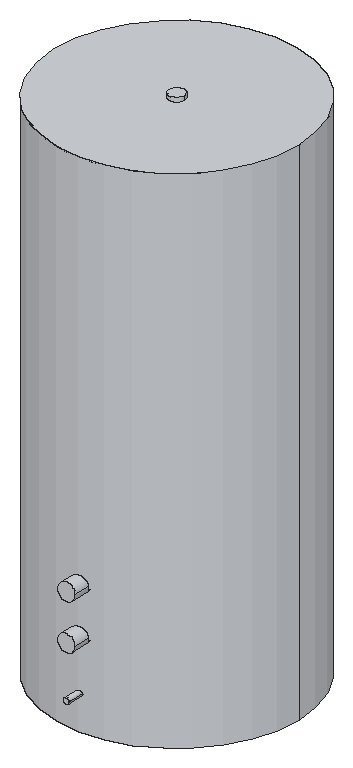
Revit family
Parameters (values of type "RJA175")
  Top Clearance = 12"
  SES BIM Studio # = "201264901-28"
  URL = "http://www.lochinvar.com/products/Default.aspx?type=ProductLine&lineid=106"
  NPT Outlet Conn Radius = 1"
  NPT OUTLET SIZE = 2"
  NPT Extrusion Length = Tank Radius + 2"  # 18"
  NPT Conn Radius = 1 1/8"
  NPT CONN SIZE = NPT Conn Radius * 2  # 2 1/4"
  Model = "RJA175"
  Manufacturer = "Lochinvar"
  MODEL NO. = "RJA175"
  GALLON CAPACITY = "175"
  B_TANK DIAMETER = Tank Radius * 2  # 32"
  A_TANK HEIGHT = 67 1/4"
  E_NPT Height = 17 1/4"
  Drain Radius = 3/8"
  Description = "Vertical Round Jacketed Glass Lined Tanks"
  Fuel Type = ""
  Tank Radius = 16"
  D_NPT Height = 11 1/4"
Types (4): name | NPT Extrusion Length | NPT Conn Radius | NPT CONN SIZE | Model | MODEL NO. | GALLON CAPACITY | B_TANK DIAMETER | A_TANK HEIGHT | E_NPT Height | Tank Radius | D_NPT Height
  (no name) | 18" | 1 1/8" | 2 1/4" | "RJA175" | "RJA175" | "175" | 32" | 67 1/4" | 17 1/4" | 16" | 11 1/4"
  RJA120 | 16" | 1" | 2" | "RJA120" | "RJA120" | "119" | 28" | 62 1/2" | 14 1/2" | 14" | 9 1/2"
  RJA175 | 18" | 1 1/8" | 2 1/4" | "RJA175" | "RJA175" | "175" | 32" | 67 1/4" | 17 1/4" | 16" | 11 1/4"
  RJA200 | 18" | 1 1/8" | 2 1/4" | "RJA200" | "RJA200" | "200" | 32" | 77 1/4" | 17 1/4" | 16" | 11 1/4"
Reference planes (in)
  plane 1 "Center (Front/Back)": y = 6.125
  plane 2: z = 0
  plane 3 "Center (Left/Right)": x = -1.39218
  plane 4 "Top": z = 67.25
  plane 5 "Top Clearance": z = 79.25
Forms (in)
  Extrusion 1, solid
    sketch origin (0, 0, 0) x (1, 0, 0) y (0, 1, 0)
      loop
        circle (-1.39218, 6.125) r 16
    from 0 to 67.25
  Extrusion 2, solid
    sketch origin (0, 6.125, 0) x (1, 0, 0) y (0, 0, 1)
      loop
        circle (-1.39218, 11.25) r 1.125
    from 0 to 18 <- "NPT Extrusion Length"
  Extrusion 3, solid
    sketch origin (0, 6.125, 8) x (1, 0, 0) y (0, 0, 1)
      loop
        circle (-1.39218, 9.25) r 1.125
    from 0 to 18 <- "NPT Extrusion Length"
  Extrusion 4, solid
    sketch origin (0, 0, 67.25) x (-1, 0, 0) y (0, -1, 0)
      loop
        circle (1.39218, -6.125) r 1
    from 0 to 0.5
  Extrusion 5, solid
    sketch origin (0, 6.125, -5) x (1, 0, 0) y (0, 0, 1)
      loop
        circle (-1.39218, 9.5) r 0.375
    from 0 to 18 <- "NPT Extrusion Length"
Dimensions and locks (in)
  "A_TANK HEIGHT": plane 4 "Top" to level
  "Top Clearance": plane 5 "Top Clearance" to plane 4 "Top"
  "D_NPT Height": Extrusion 2 sketch curve to level
  "E_NPT Height": Extrusion 3 sketch curve to level
  locked: Extrusion 5 sketch curve to level at 4.5
  "Tank Radius": radius of Extrusion 1 sketch curve
  "NPT Conn Radius": radius of Extrusion 2 sketch curve
  "NPT Conn Radius": radius of Extrusion 3 sketch curve
  "NPT Outlet Conn Radius": radius of Extrusion 4 sketch curve
  "Drain Radius": radius of Extrusion 5 sketch curve
  aligned and locked: plane 4 "Top" to Extrusion 1
Automatic sketch dimensions
  plane 1 "Center (Front/Back)" to Extrusion 1 sketch curve = 0"
  Extrusion 1 sketch curve to plane 3 "Center (Left/Right)" = 0"
  Extrusion 2 sketch curve to plane 3 "Center (Left/Right)" = 0"
  Extrusion 3 sketch curve to plane 3 "Center (Left/Right)" = 0"
  plane 1 "Center (Front/Back)" to Extrusion 4 sketch curve = 0"
  Extrusion 4 sketch curve to plane 3 "Center (Left/Right)" = 0"
  Extrusion 5 sketch curve to plane 3 "Center (Left/Right)" = 0"
Connectors (in)
  piping at (-1.39218, -11.875, 17.25), driven by "NPT Conn Radius"
    settings: on Extrusion 3, index 1, connector radius 1 1/8", flow factor 0, pipe flow 0 GPM, pressure drop 0.00 psi, fitting loss kfactor 0, connector angle 0.00°, fixture units 0, flow configuration 0, flow direction 1, fitting loss method 0, system type 19, connector reference index -1, connector utility 0, adjustable connector no, is connector primary yes, fitting loss table "", connector description "NPT Inlet 1"
  piping at (-1.39218, -11.875, 11.25), driven by "NPT Conn Radius"
    settings: on Extrusion 2, index 2, connector radius 1 1/8", flow factor 0, pipe flow 0 GPM, pressure drop 0.00 psi, fitting loss kfactor 0, connector angle 0.00°, fixture units 0, flow configuration 0, flow direction 1, fitting loss method 0, system type 19, connector reference index -1, connector utility 0, adjustable connector no, is connector primary no, fitting loss table "", connector description "NPT Inlet 2"
  piping at (-1.39218, 6.125, 67.75), driven by "NPT Outlet Conn Radius"
    settings: on Extrusion 4, index 3, connector radius 1", flow factor 0, pipe flow 0 GPM, pressure drop 0.00 psi, fitting loss kfactor 0, connector angle 0.00°, fixture units 0, flow configuration 0, flow direction 2, fitting loss method 0, system type 19, connector reference index -1, connector utility 0, adjustable connector no, is connector primary no, fitting loss table "", connector description "NPT Outlet"
  piping at (-1.39218, -11.875, 4.5), driven by "Drain Radius"
    settings: on Extrusion 5, index 4, connector radius 3/8", flow factor 0, pipe flow 0 GPM, pressure drop 0.00 psi, fitting loss kfactor 0, connector angle 0.00°, fixture units 0, flow configuration 0, flow direction 2, fitting loss method 0, system type 22, connector reference index -1, connector utility 0, adjustable connector no, is connector primary no, fitting loss table "", connector description "Drain Pipe"
